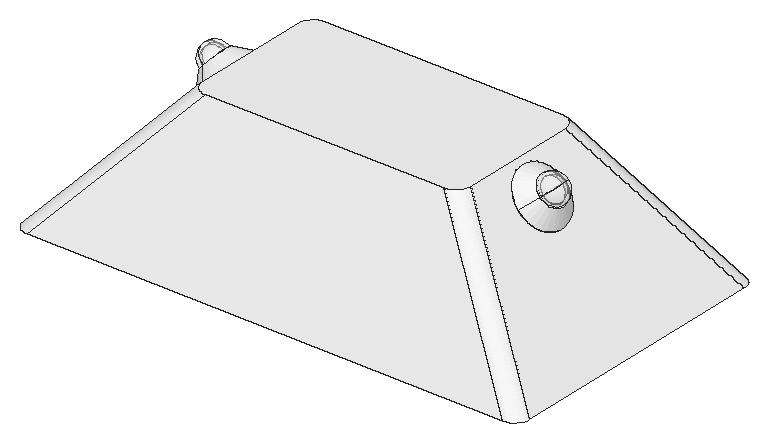
Revit family "EV- Series", category Lighting Fixtures, host Face, Revit 2021
Family settings
  Host = Face
  Round Connector Dimension = Use Diameter
  Part Type = Normal
  OmniClass Number = 23.80.70.11
  OmniClass Title = Luminaries for Internal Lighting
  Cut with Voids When Loaded = No
  Light Source = No
  Shared = Yes
  Room Calculation Point = No
Parameters (values of type "EV4-02L")
  Voltage = 120 V
  URL = "https://www.currentlighting.com/dual-lite"
  Total Input Wattage = "4 - Watts"
  Product Page URL = ""
  Product Documentation Link = ""
  Photometric Web = Web - EV : EV-02L
  Model = "EV"  # constant formula
  Manufacturer = "Dual Lighting"  # constant formula
  Lens = White Glass
  Finish = White
  Description = "The EV Series is a compact architectural emergency lighting unit designed for fast wall mount installation and reliable service"  # constant formula
  Default Elevation = 48.00"
  Apparent Load = 0 VA
Types (2): name | Total Input Wattage | Photometric Web
  EV4-02L | "4 - Watts" | Web - EV : EV-02L
  EV2 | "2 - Watts" | Web - EV : EV
Reference planes (in)
  plane 1 "Center (Front/Back)": y = 0
  plane 2: z = 0
  plane 3 "Center (Left/Right)": x = 0
  plane 4: z = 2.25
  plane 5: x = -4.25
  plane 6: x = 4.25
  plane 7: z = 1.49318
  plane 8: y = 2.5
  plane 9: y = -2.5
Forms (in)
  Blend 1, solid, material "White" <- "Finish"
    base sketch origin (-12.63562, -0.24181, 0) x (1, 0, 0) y (0, 1, 0)
      loop
        arc (8.63562, 2.74181) -> (8.45885, 2.66859) -> (8.38562, 2.49181) r 0.25
        line (8.38562, 2.49181) -> (8.38562, -2.00819)
        arc (8.38562, -2.00819) -> (8.45885, -2.18497) -> (8.63562, -2.25819) r 0.25
        line (8.63562, -2.25819) -> (16.63562, -2.25819)
        arc (16.63562, -2.25819) -> (16.8124, -2.18497) -> (16.88562, -2.00819) r 0.25
        line (16.88562, -2.00819) -> (16.88562, 2.49181)
        arc (16.88562, 2.49181) -> (16.8124, 2.66859) -> (16.63562, 2.74181) r 0.25
        line (16.63562, 2.74181) -> (8.63562, 2.74181)
    top sketch origin (-12.63562, -0.24181, 0) x (1, 0, 0) y (0, 1, 0)
      loop
        arc (10.63562, 1.49181) -> (10.45885, 1.41859) -> (10.38562, 1.24181) r 0.25
        line (10.38562, 1.24181) -> (10.38562, -0.75819)
        arc (10.38562, -0.75819) -> (10.45885, -0.93497) -> (10.63562, -1.00819) r 0.25
        line (10.63562, -1.00819) -> (14.63562, -1.00819)
        arc (14.63562, -1.00819) -> (14.8124, -0.93497) -> (14.88562, -0.75819) r 0.25
        line (14.88562, -0.75819) -> (14.88562, 1.24181)
        arc (14.88562, 1.24181) -> (14.8124, 1.41859) -> (14.63562, 1.49181) r 0.25
        line (14.63562, 1.49181) -> (10.63562, 1.49181)
    from 0 to 2.25
Dimensions and locks (in)
  plane 4 to plane 2 = 2.25"
  equal spacing: plane 6, plane 3 "Center (Left/Right)", plane 5
  locked: plane 6 to plane 5 at 8.5
  plane 4 to level = 2.25"
  plane 8 to plane 1 "Center (Front/Back)" to plane 9 = 2.50", 2.50"
  plane 8 to plane 9 = 5.00"
  radius of Blend 1 sketch curve = 0.25"  (x2)
  aligned and locked: plane 2 to host face
  aligned and locked: level to host face
  aligned and locked: nested 2 to plane 1 "Center (Front/Back)"
  aligned and locked: nested 1 to nested 2
Automatic sketch dimensions
  host sketch curve to host sketch curve = 96.00"  (x2)
  Blend 1 sketch curve to plane 5 = 0.00"
  Blend 1 sketch curve to plane 8 = 0.00"
  Blend 1 sketch curve to plane 9 = 0.00"
  Blend 1 sketch curve to plane 6 = 0.00"
  plane 5 to Blend 1 sketch curve = 0.25"
  Blend 1 sketch curve to plane 6 = 0.25"  (x2)
  Blend 1 sketch curve to plane 1 "Center (Front/Back)" = 1.00"
  plane 5 to Blend 1 sketch curve = 2.00"
  Blend 1 sketch curve to Blend 1 sketch curve = 0.25"  (x2)
  plane 3 "Center (Left/Right)" to Blend 1 sketch curve = 2.00"  (x2)
  plane 1 "Center (Front/Back)" to Blend 1 sketch curve = 1.00"
Nested families (in)
  nested 1: "Web - EV" at (-0.33021, 0, 4.40976) x (0, -1, 0) z (-0.7474, 0, 0.6644), type <- "Photometric Web", Lens <- "Lens", Finish <- "Finish", type "EV-02L"
    with Lens White Glass, Finish White
  nested 2: "Web - EV" at (0.32367, 0, 4.41712) x (0, 1, 0) z (0.7474, 0, 0.6644), type <- "Photometric Web", Lens <- "Lens", Finish <- "Finish", type "EV-02L"
    with Lens White Glass, Finish White
Connectors (in)
  electrical at (0, 0, 0), driven by "Description", driven by "Voltage"
    settings: index 1, voltage 120 V, apparent load 0 VA, apparent load phase1 0 VA, apparent load phase2 0 VA, apparent load phase3 0 VA, power factor 1, load classification "Other", number of poles 1, system type 30, power factor state 1, is connector primary yes, connector utility no, sub classification motor no, connector description "The EV Series is a compact architectural emergency lighting unit designed for fast wall mount installation and reliable service"
Definition of nested family "Web - EV"
  Parameters
    Wattage = 9.2903 W
    built-in parameter 1150110 = 1 (stored number, unit not read)
    Voltage = 120 V
    URL = "http://www.dual-lite.com"
    built-in parameter 1114217 = 1 (stored number, unit not read)
    Total Input Wattage = "2-16 W"
    Tilt Angle = -90.00°
    built-in parameter 1150109 = 1 (stored number, unit not read)
    built-in parameter 1150134 = 3
    built-in parameter 1150113 = 1 (stored number, unit not read)
    Product Page URL = "http://www.dual-lite.com/products/pg"
    Product Documentation Link = "http://www.dual-lite.com/content/products/specs/specs_files/dlt_pg_specsht.pdf"
    Photometric Web File = "ev_02l.ies"
    Model = "EV"  # constant formula
    Manufacturer Phone = "(864)-678-1000"  # constant formula
    Manufacturer Fax = "(866)-898-0131"  # constant formula
    Manufacturer = "Dual Lighting"  # constant formula
    built-in parameter 1150105 = -414000 (stored number, unit not read)
    Lumens = 1380 lm
    built-in parameter 1150115 = 1 (stored number, unit not read)
    built-in parameter 1150137 = (empty or 0)
    built-in parameter 1150139 = (empty or 0)
    Lens [instance] = none
    built-in parameter 1150112 = 1 (stored number, unit not read)
    built-in parameter 1150114 = 1 (stored number, unit not read)
    built-in parameter 1150132 = (empty or 0)
    built-in parameter 1150102 = (empty or 0)
    built-in parameter 1150107 = 3200 (stored number, unit not read)
    built-in parameter 1150138 = (empty or 0)
    built-in parameter 1150106 = -4140 (stored number, unit not read)
    Finish [instance] = none
    built-in parameter 1150104 = 13.8 (stored number, unit not read)
    Dimming Lamp Color Temperature Shift = (empty or 0)
    Description = "Emergency Light, Wet Location, LED, Die-Cast Aluminum"  # constant formula
    Default Elevation = 48.00"
    Color Filter = 16777215
    built-in parameter 1114218 = 1 (stored number, unit not read)
    built-in parameter 1150133 = 10 (stored number, unit not read)
    Apparent Load = 0 VA
  Reference planes (in)
    plane 1 "Center (Front/Back)": y = 0
    plane 2: z = 0
    plane 3 "Center (Left/Right)": x = 0
    plane 4: y = 3.5
    plane 5: y = -3.5
    plane 6: x = -0.5
    plane 7: x = 0.5
    plane 8: y = -1.9
    plane 9: z = -0.25
    plane 10: z = 0.5
    plane 11: z = 0.25
  Forms (in)
    Extrusion 1, solid
      sketch origin (0, 0, 0) x (1, 0, 0) y (0, 1, 0)
        loop
          line (-48, 48) -> (-48, -48) -> (48, -48) -> (48, 48) -> (-48, 48)
      from 0 to -12
    Revolve 2, solid, material <- "Finish"
      sketch origin (0, -3.5, 25.58567) x (0, 0, 1) y (-1, 0, 0)
        loop
          line (-25.83567, 0) -> (-25.83567, -0.5) -> (-25.58567, -0.5) -> (-25.33567, -0.26685) -> (-25.33567, -0.21168) -> (-25.59676, -0.45) -> (-25.78567, -0.45) -> (-25.78567, 0) -> (-25.83567, 0)
        axis (-25.33567, 0) -> (-25.83567, 0)
      angle from 0 to 360
    Revolve 3, solid, material <- "Lens"
      sketch origin (0, -3.5, 25.58567) x (0, 0, 1) y (-1, 0, 0)
        loop
          arc (-25.08567, 0) -> (-25.1589, 0.17678) -> (-25.33567, 0.25) r 0.25
          line (-25.33567, 0.25) -> (-25.33567, 0.2)
          arc (-25.33567, 0.2) -> (-25.19425, 0.14142) -> (-25.13567, 0) r 0.2
          line (-25.13567, 0) -> (-25.08567, 0)
        axis (-25.08567, 0) -> (-25.33567, 0)
      angle from 0 to 360
  Dimensions and locks (in)
    equal spacing: plane 4, plane 1 "Center (Front/Back)", plane 5
    locked: plane 4 to plane 5 at 7
    locked: plane 8 to plane 5 at 1.6
    plane 9 to plane 2 = 0.25"
    locked: plane 7 to plane 6 at 1
    plane 7 to imposter light to plane 6 = 0.50", 0.50"
    aligned and locked: plane 2 to Extrusion 1
    aligned and locked: level to Extrusion 1
    aligned and locked: Revolve 2 sketch curve to plane 3 "Center (Left/Right)"
    aligned and locked: Revolve 2 sketch curve to plane 9
    aligned and locked: plane 7 to Revolve 2 sketch curve
    aligned and locked: Revolve 3 sketch curve to plane 3 "Center (Left/Right)"  (x2)
    aligned and locked: Revolve 2 to Revolve 3 sketch curve
    aligned and locked: plane 3 "Center (Left/Right)" to Revolve 3 sketch curve
  Automatic sketch dimensions
    Extrusion 1 sketch curve to Extrusion 1 sketch curve = 96.00"  (x2)
    Revolve 2 sketch curve to plane 3 "Center (Left/Right)" = 0.00"
    Revolve 2 sketch curve to plane 11 = 0.00"
    Revolve 2 sketch curve to Revolve 2 sketch curve = 0.14592"
    Revolve 2 sketch curve to plane 9 = 0.05"
    plane 7 to Revolve 2 sketch curve = 0.05"
    Revolve 2 sketch curve to Revolve 2 sketch curve = 0.18892"
    Revolve 2 sketch curve to Revolve 2 sketch curve = 0.01108"
    Revolve 2 sketch curve to plane 10 = 0.27089"
    plane 7 to Revolve 2 sketch curve = 0.23315"
    Revolve 2 sketch curve to Revolve 2 sketch curve = 0.05517"
    Revolve 3 sketch curve to plane 10 = 0.00"
    Revolve 3 sketch curve to Revolve 3 sketch curve = 0.11385"
    Revolve 3 sketch curve to Revolve 3 sketch curve = 0.05"
    Revolve 3 sketch curve to plane 10 = 0.57522"
